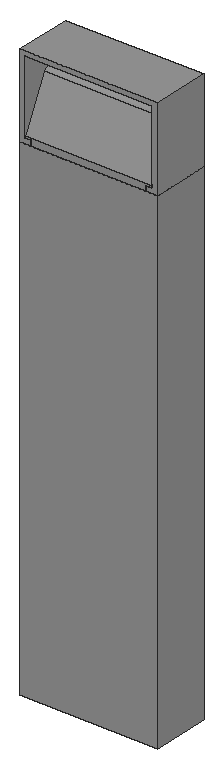
Revit family "0047931 Sylvania Lighting Fixture START eco Bollard Rectangular L IP65 780lm 830 BLK", category Lighting Fixtures, host Face, Revit 2016
Family settings
  Host = Face
  Part Type = Normal
  Round Connector Dimension = Use Diameter
  OmniClass Number = 23.80.70.00
  OmniClass Title = Lighting
  Cut with Voids When Loaded = No
  Light Source = Yes
  Shared = No
  Room Calculation Point = No
Parameters (values of type "0047931 ST E BLLRD RECT L IP65 780LM 830 BLK")
  Weight = "8.88 kg"
  Wattage Comments = ""
  Wattage = 12 W
  WarrantyStartDate [instance] = "n/a"
  WarrantyGuarantorParts = "n/a"
  WarrantyDurationUnit = "n/a"
  WarrantyDurationParts = "n/a"
  WarrantyDescription = "n/a"
  built-in parameter 1150110 = 1 (stored number, unit not read)
  Voltage = 230 V
  URL = "http://www.sylvania-lighting.com"
  TypeName = "START eco Bollard Rectangular L IP65 780lm 830 BLK"
  Type Image = <None>
  Type Comments = "n/a"
  built-in parameter 1114217 = 1 (stored number, unit not read)
  Tilt Angle = 90.00°
  built-in parameter 1150109 = 1 (stored number, unit not read)
  built-in parameter 1150134 = (empty or 0)
  built-in parameter 1150113 = 1 (stored number, unit not read)
  SerialNumber [instance] = "n/a"
  RadiusReflector_SYL = 12.97 mm
  Photometric Web File = "0047931.ies"
  Material_3_SYL = none
  PowerFactor = 0
  PowerConsumption = "12 W"
  NominalLength = 190 mm
  NominalHeight = 800 mm
  NominalDepth = 80 mm
  Name = "START eco Bollard Rectangular L IP65 780lm 830 BLK"
  ModelReference = Name  # "START eco Bollard Rectangular L IP65 780lm 830 BLK"
  ModelNumber = "0047931"
  Model = Name  # "START eco Bollard Rectangular L IP65 780lm 830 BLK"
  Material = "n/a"
  ManufacturerName = "Feilo Sylvania"
  Manufacturer = "Feilo Sylvania"
  LuminousEfficacy = "44 lm/W"
  built-in parameter 1150105 = 283.37 (stored number, unit not read)
  Lumens = 528 lm
  LuminaireType = ""
  built-in parameter 1150115 = 1 (stored number, unit not read)
  LightOutputRatio = "100"
  built-in parameter 1150137 = (empty or 0)
  built-in parameter 1150139 = (empty or 0)
  LampsType = Lamp  # "LED"
  LampNominalLuminous = "524 lm"
  LampMacAdamStep = "n/a"
  LampColourTemperature = "3000"
  LampColourRenderingIndex = "80"
  built-in parameter 1150112 = 1 (stored number, unit not read)
  built-in parameter 1150114 = 1 (stored number, unit not read)
  Lamp = "LED"
  Keynote = "16500"
  InstallationDate [instance] = "n/a"
  InputVoltage = "220-240V~"
  InputNominalFrequency = "50/60 Hz"
  built-in parameter 1150132 = (empty or 0)
  built-in parameter 1150102 = (empty or 0)
  built-in parameter 1150107 = 3000 (stored number, unit not read)
  built-in parameter 1150138 = (empty or 0)
  IngressProtection = "IP65"
  ImpactProtectionIndex = "IK10"
  built-in parameter 1150106 = 2.8337 (stored number, unit not read)
  IfcExportType = "IfcLightFixtureType"
  IfcExportAs = "IfcLightFixtureType"
  Height_SYL = 800 mm
  ExpectedLife = 50000
  Emit from Rectangle Width = 150 mm
  Emit from Rectangle Length = 16 mm
  Emit Shape Visible in Rendering = no
  ElectricShockClassification = "Class I"
  built-in parameter 1150104 = 4.0877 (stored number, unit not read)
  DurationUnit = "hours"
  DocumentationLiterature = "http://www.sylvania-lighting.com/product/en-int/products/0047931"
  DimmingControlOptions = "Non dimmable"
  Material_2_SYL = LED-Sylvania-STARTBollardRect
  Dimming Lamp Color Temperature Shift = <None>
  Description = "n/a"
  Default Elevation = 1219.2 mm
  CreatedOn = "9/10/2018"
  CreatedBy = "@sylvania-lighting.com"
  Cost = 0
  Color Filter = 16777215
  built-in parameter 1114216 [instance] = (empty or 0)
  ClassificationValue = "EF_70_80"
  ClassificationName = "Uniclass2015"
  Material_1_SYL = Steel, Paint Finish, Dark Gray, Matte
  BarCode [instance] = "n/a"
  built-in parameter 1114218 = 1 (stored number, unit not read)
  built-in parameter 1150133 = 10 (stored number, unit not read)
  AssetType = "Fixed"
  AssetIdentifier [instance] = "n/a"
  Assembly Code = "D5020200"
  Apparent Load = 12 VA
  Material_4_SYL = none
Reference planes
  plane 1 "Center (Front/Back)": y = 0
  plane 2: z = 0
  plane 3 "Center (Left/Right)": x = 0
  plane 4: x = 95
  plane 5: x = -95
  plane 6: z = 800
  plane 7: z = 685
  plane 8: z = 765.625
  plane 9: z = 793
  plane 10: x = -88
  plane 11: x = 88
  plane 12: z = 692
  plane 13: x = -79.5
  plane 14: x = 79.5
  plane 15: z = 694
  plane 16: y = 40
  plane 17: y = -40
  plane 18: z = 775.625
  plane 19: z = 788
  plane 20: z = 791
  plane 21: y = -8
  plane 22: y = 8
Forms (mm)
  Extrusion 1, solid, material "Steel, Paint Finish, Dark Gray, Matte" <- "Material_1_SYL"
    sketch origin (0, 0, 0) x (1, 0, 0) y (0, 0, 1)
      loop
        line (-95, 800) -> (-95, 685) -> (-79.5, 685) -> (-79.5, 692) -> (-88, 692) -> (-88, 793) -> (88, 793) -> (88, 692) -> (79.5, 692) -> (79.5, 685) -> (95, 685) -> (95, 800) -> (-95, 800)
    from -40 to 40
  Extrusion 2, solid, material "Steel, Paint Finish, Dark Gray, Matte" <- "Material_1_SYL"
    sketch origin (0, 0, 0) x (0, 1, 0) y (0, 0, 1)
      loop
        line (-7.382, 760.561) -> (-40, 694) -> (-40, 685) -> (40, 685) -> (40, 694) -> (7.382, 760.561)
        arc (7.382, 760.561) -> (0, 764.761) -> (-7.382, 760.561) r 8.587
    from -88 to 88
  Extrusion 3, void
    sketch origin (0, 0, 0) x (1, 0, 0) y (0, 0, 1)
      loop
        line (-79.5, 685) -> (-79.5, 692) -> (-88, 692) -> (-88, 685) -> (-79.5, 685)
      loop
        line (88, 685) -> (88, 692) -> (79.5, 692) -> (79.5, 685) -> (88, 685)
    from -40 to 40
  Extrusion 4, solid, material "Steel, Paint Finish, Dark Gray, Matte" <- "Material_1_SYL"
    sketch origin (0, 0, 0) x (1, 0, 0) y (0, 0, 1)
      loop
        line (-95, 0) -> (95, 0) -> (95, 685) -> (-95, 685) -> (-95, 0)
    from -40 to 40
  Extrusion 5, solid, material "LED-Sylvania-STARTBollardRect" <- "Material_2_SYL"
    sketch origin (0, 0, 0) x (1, 0, 0) y (0, 0, 1)
      loop
        line (-79.5, 793) -> (-79.5, 791) -> (79.5, 791) -> (79.5, 793) -> (-79.5, 793)
    from -8 to 8
Cuts and joins
  Extrusion 3 cuts Extrusion 2
Lines and regions (mm)
  reference lines
    curve 1: line (0, 0, 775.625) -> (0, -40, 694)
    curve 2: line (0, 0, 775.625) -> (0, 40, 694)
Dimensions and locks
  locked: plane 10 to plane 5 at 7
  locked: plane 4 to plane 11 at 7
  locked: plane 12 to plane 7 at 7
  locked: plane 13 to plane 5 at 15.5
  locked: plane 4 to plane 14 at 15.5
  locked: plane 15 to plane 12 at 2
  equal spacing: plane 17, plane 1 "Center (Front/Back)", plane 16
  locked: plane 17 to plane 16 at 80
  "Height_SYL": plane 6 to plane 2
  locked: plane 6 to plane 9 at 7
  locked: plane 6 to plane 8 at 34.375
  locked: plane 6 to plane 7 at 115
  locked: plane 18 to plane 8 at 10
  locked: plane 6 to plane 19 at 12
  locked: plane 9 to plane 20 at 2
  plane 21 to plane 1 "Center (Front/Back)" to plane 22 = 8 mm locked, 8 mm locked
  aligned and locked: plane 2 to host face
  aligned and locked: level to host face
  aligned and locked: plane 6 to Extrusion 1 sketch curve
  aligned and locked: plane 5 to Extrusion 1 sketch curve
  aligned and locked: Extrusion 1 sketch curve to plane 7
  aligned and locked: Extrusion 1 sketch curve to plane 4
  aligned and locked: plane 9 to Extrusion 1 sketch curve
  aligned and locked: Extrusion 1 sketch curve to plane 12
  aligned and locked: Extrusion 1 sketch curve to plane 11
  aligned and locked: Extrusion 1 sketch curve to plane 13
  aligned and locked: Extrusion 1 sketch curve to plane 14
  aligned and locked: plane 12 to Extrusion 1 sketch curve
  aligned and locked: plane 7 to Extrusion 1 sketch curve
  aligned and locked: plane 10 to Extrusion 1 sketch curve
  aligned and locked: Extrusion 1 to plane 16
  aligned and locked: plane 17 to Extrusion 1
  aligned and locked: plane 17 to curve 1
  aligned and locked: plane 15 to curve 1
  aligned and locked: plane 1 "Center (Front/Back)" to curve 1
  aligned and locked: plane 16 to curve 2
  aligned and locked: plane 18 to curve 2
  aligned and locked: curve 1 to Extrusion 2 sketch curve
  aligned and locked: Extrusion 2 sketch curve to Extrusion 1  (x2)
  aligned and locked: plane 11 to Extrusion 2
  aligned and locked: Extrusion 3 sketch curve to Extrusion 1  (x6)
  aligned and locked: Extrusion 3 sketch curve to Extrusion 2  (x2)
  aligned and locked: plane 17 to Extrusion 3
  aligned and locked: Extrusion 3 to plane 16
  aligned and locked: Extrusion 4 sketch curve to level
  aligned and locked: Extrusion 4 sketch curve to plane 5
  aligned and locked: Extrusion 4 sketch curve to Extrusion 1  (x2)
  aligned and locked: Extrusion 4 to plane 16
  aligned and locked: plane 17 to Extrusion 4
  aligned and locked: plane 3 "Center (Left/Right)" to imposter light
  aligned and locked: plane 1 "Center (Front/Back)" to imposter light
  aligned and locked: curve 2 to Extrusion 2 sketch curve
  aligned and locked: imposter light to plane 19
  aligned and locked: plane 9 to Extrusion 5 sketch curve
  aligned and locked: Extrusion 5 sketch curve to plane 20
  aligned and locked: Extrusion 5 sketch curve to plane 14
  aligned and locked: plane 13 to Extrusion 5 sketch curve
  aligned and locked: Extrusion 5 to plane 21
  aligned and locked: plane 22 to Extrusion 5
Automatic sketch dimensions
  host sketch curve to host sketch curve = 2438.4 mm  (x2)
  plane 15 to curve 2 = 0 mm
  plane 15 to Extrusion 2 sketch curve = 0 mm
  plane 8 to Extrusion 2 sketch curve = 5.064 mm  (x2)
  Extrusion 2 sketch curve to Extrusion 2 sketch curve = 4.387 mm
Connectors
  electrical at (0, 0, 0), driven by "Apparent Load", driven by "PowerFactor", driven by "Voltage"
    settings: index 1, voltage 230 V, apparent load 12 VA, apparent load phase1 0 VA, apparent load phase2 0 VA, apparent load phase3 0 VA, power factor 0, load classification "Lighting", number of poles 1, system type 30, power factor state 1, is connector primary yes, connector utility no, sub classification motor no, connector description ""
